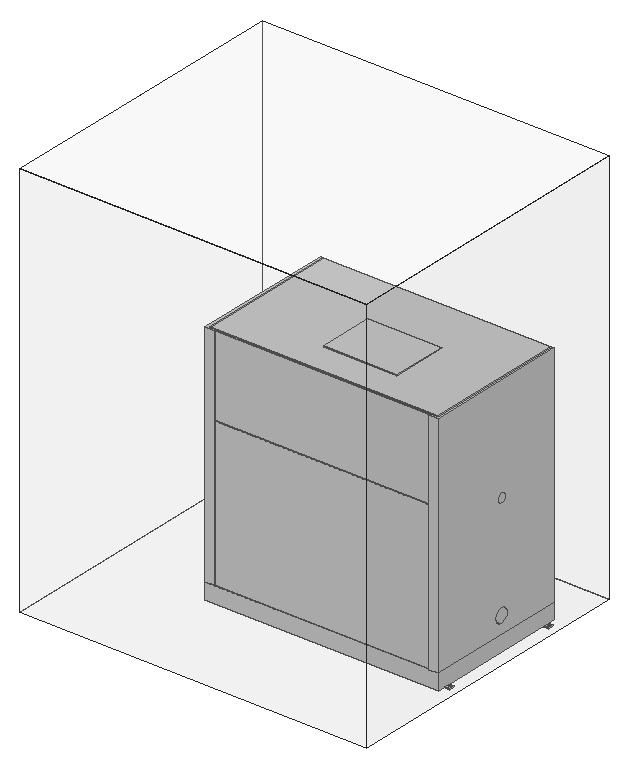
Revit family "pfav-p167_1600dmj1_3-f_60Hz", category 機械設備, Revit 2019
Family settings
  丸型コネクタ寸法 = 直径を使用
  パーツ タイプ = 標準
  OmniClass 番号 = 23.75.10.24.21.27.27
  OmniClass タイトル = Split System Air Conditioning Units
  作業面ベース = いいえ
  常に垂直 = はい
  ロード時にボイドで切り取り = いいえ
  共有 = いいえ
  部屋計算ポイント = いいえ
Parameters (values of type "PFAV-P1000DMJ3-F")
  風量（m3／min） = 120
  風量 = MAX風量  # 7200.0 m³/h
  音響パワーレベル(dB) = 72
  電源種別 = ""
  電圧_電気ヒーター = 0 V
  電圧 = 200 V
  電動機出力_送風機 = 7500 W
  電動機出力_圧縮機 = 0 W
  運転質量 = 0.00 kg
  連動 = ""
  質量 = if(製品質量 > 運転質量, 製品質量, 運転質量) * 1.2  # 516.00 kg
  負荷分類 = 3_ファン類
  説明 = "設備用パッケージエアコン 空冷床置形・冷暖兼用 ファシレアＤＤオールフレッシュシリーズ"
  設計暖房能力 [instance] = 0 kW
  設計冷房能力_顕熱 [instance] = 0 kW
  設計冷房能力 [instance] = 0 kW
  設置方法 = "床置形"
  記号 [instance] = ""
  製造元 = "三菱電機株式会社"
  製品質量 = 430.00 kg
  製品出荷対象 = "国内"
  製品リリース年月 = "2024年5月13日"
  製品グループ = ""
  系統 [instance] = ""
  符号 = "PAC-FRV(J)"
  積算_科目 = "1 空気調和設備"
  積算_拾い区分 [instance] = ""
  相_電気ヒーター = 1
  相 = 3
  盤記号 [instance] = ""
  発停方法 = ""
  特殊仕様 [instance] = ""
  火災停止 = ""
  消費電力_電気ヒーター = 0 W
  消費電力_暖房 = 1290 W
  消費電力_加湿器 = 0 W
  消費電力_冷房 = 1290 W
  消費電力 = if(消費電力_冷房 > 消費電力_暖房, 消費電力_冷房, 消費電力_暖房) + 消費電力_加湿器 + 消費電力_電気ヒーター  # 1290 W
  法定耐用年数 = "15"
  機械基礎質量 [instance] = 0.00 kg
  機械基礎_W = 0.00 mm
  機械基礎_H = 150.00 mm
  機械基礎_D = 0.00 mm
  機械基礎 [instance] = yes
  機外静圧 = 190.0 Pa
  極数 = 3
  材質 [instance] = ""
  本体マテリアル = none
  有効加湿量 = 0
  最小電線太さ_mm2 = 2
  最大電流値 = 19.3 A
  暖房能力 = 71 kW
  推奨ブレーカー容量 = 40 A
  形式_加湿器 = ""
  形式 = "床置（露出）立形"
  形名 = PFAV-P-DMJ-F : PFAV-P1000DMJ3-F
  幹線記号 [instance] = ""
  始動方式 = "直入"
  呼称 = "パッケージ形空気調和機_室内機"
  周波数 = 60 Hz
  台数_手元リモコン [instance] = ""
  台数_冷媒分岐ユニット [instance] = ""
  参照している仕様書等のバージョン = "公共建築工事標準仕様書（機械設備工事編）平成31年度版"
  加湿給水管径 = 27.00 mm
  分類コード = "50053003083040"
  分類グループ = ""
  冷房能力 = 80 kW
  冷媒高低圧ガス管径 = 0.00 mm
  冷媒管径符号 = "Ei"
  冷媒管径 = 100.00 mm
  冷媒液管径 = 19.05 mm
  冷媒ガス管径 = 31.75 mm
  価格 = 0
  企業コード = "108420"
  付属品_フィルター = ""
  付属品 [instance] = ""
  仕様書バージョン = "Version1.0"
  モデル = "PFAV-P1000DMJ3-F"
  ドレン管径 = 42.70 mm
  ダクト高_OA = 1635 mm
  ダクト高 = 416 mm
  ダクト幅_OA = 1550 mm
  ダクト幅 = 554 mm
  サービススペース = yes
  コメント [instance] = ""
  Keynote = ""
  Width = 1750.00 mm
  Version = ""
  Uniclass2015Version = "Systems v1.9"
  Uniclass2015Title = "Split coil remote air cooled condensing units"
  Uniclass2015Code = "Pr_70_65_03_84"
  URL = "https://www.mitsubishielectric.co.jp/ldg/wink/qr/002/333202/"
  S寸法 = 150.00 mm
  SpecificationReference = ""
  SpecificationDescription = ""
  Revision = ""
  ProductInformation = ""
  OmniClassCode = "23-33 17 13 11"
  OAダクト位置_縦 = 159.00 mm
  OAダクト位置_横 = 175.00 mm
  MAX風量 = 風量（m3／min） * 60.0 m³/h  # 7200.0 m³/h
  IfcTypeProduct = ""
  IfcProduct = ""
  IfcExportType = "AIRCONDITIONINGUNIT"
  IfcExportAs = "IfcUnitaryEquipmentType"
  Height = 1830.00 mm
  Depth = 1081.00 mm
  Clearance Top = 1000.00 mm
  Clearance Right = 100.00 mm
  Clearance Left = 750.00 mm
  Clearance Front = 800.00 mm
  Clearance Back = 400.00 mm
  COP = 0
  Author = "三菱電機株式会社"
  APF = 0
Types (8, lengths in mm): name | 風量（m3／min） | 風量 | 音響パワーレベル(dB) | 電動機出力_送風機 | 質量 | 製品質量 | 製品リリース年月 | 消費電力_暖房 | 消費電力_冷房 | 消費電力 | 機外静圧 | 最小電線太さ_mm2 | 最大電流値 | 暖房能力 | 推奨ブレーカー容量 | 形名 | 冷房能力 | 冷媒管径符号 | 冷媒液管径 | 冷媒ガス管径 | モデル | ドレン管径 | ダクト高_OA | ダクト高 | ダクト幅_OA | ダクト幅 | Width | URL | OAダクト位置_縦 | OAダクト位置_横 | MAX風量 | Height | Depth | Clearance Left | Clearance Front | Clearance Back | APF
  PFAV-P167DMJ1-F | 20 | 1200.0 m³/h | 61 | 1200 W | 147.60 kg | 123.00 kg | "2017年4月18日" | 80 W | 80 W | 80 W | 30.0 Pa | 1.6 | 5 A | 12.5 kW | 15 A | PFAV-P-DMJ-F : PFAV-P167DMJ1-F | 14 kW | "Bd" | 9.52 | 15.88 | "PFAV-P167DMJ1-F" | 34.00 | 406 | 294 | 668 | 343 | 760.00 | "https://www.mitsubishielectric.co.jp/ldg/wink/ssl/displayProduct.do?pid=278596" | 120.00 | 46.00 | 1200.0 m³/h | 1730.00 | 485.00 | 100.00 | 800.00 | 50.00 | 4.7
  PFAV-P265DMJ3-F | 35 | 2100.0 m³/h | 54 | 1200 W | 165.60 kg | 138.00 kg | "2024年5月13日" | 300 W | 300 W | 300 W | 50.0 Pa | 1.6 | 5.8 A | 20 kW | 15 A | PFAV-P-DMJ-F : PFAV-P265DMJ3-F | 22.4 kW | "Be" | 9.52 | 19.05 | "PFAV-P265DMJ3-F" | 34.00 | 407 | 294 | 888 | 675 | 980.00 | "https://www.mitsubishielectric.co.jp/ldg/wink/qr/002/333198/" | 120.00 | 46.00 | 2100.0 m³/h | 1730.00 | 485.00 | 100.00 | 800.00 | 50.00 | 0
  PFAV-P335DMJ3-F | 45 | 2700.0 m³/h | 62 | 1200 W | 170.40 kg | 142.00 kg | "2024年5月13日" | 390 W | 390 W | 390 W | 80.0 Pa | 1.6 | 5.8 A | 26.5 kW | 15 A | PFAV-P-DMJ-F : PFAV-P335DMJ3-F | 28 kW | "Bf" | 9.52 | 22.20 | "PFAV-P335DMJ3-F" | 34.00 | 407 | 294 | 888 | 675 | 980.00 | "https://www.mitsubishielectric.co.jp/ldg/wink/qr/002/333199/" | 120.00 | 46.00 | 2700.0 m³/h | 1730.00 | 485.00 | 100.00 | 800.00 | 50.00 | 0
  PFAV-P530DMJ3-F | 70 | 4200.0 m³/h | 67 | 3000 W | 248.40 kg | 207.00 kg | "2024年5月13日" | 680 W | 680 W | 680 W | 110.0 Pa | 1.6 | 8.8 A | 40 kW | 15 A | PFAV-P-DMJ-F : PFAV-P530DMJ3-F | 45 kW | "Ch" | 12.70 | 28.58 | "PFAV-P530DMJ3-F" | 34.00 | 605 | 444 | 1126 | 1006 | 1200.00 | "https://www.mitsubishielectric.co.jp/ldg/wink/qr/002/333200/" | 553.00 | 37.00 | 4200.0 m³/h | 1897.00 | 635.00 | 100.00 | 800.00 | 50.00 | 0
  PFAV-P670DMJ3-F | 90 | 5400.0 m³/h | 75 | 3000 W | 248.40 kg | 207.00 kg | "2024年5月13日" | 1400 W | 1400 W | 1400 W | 110.0 Pa | 1.6 | 8.8 A | 50 kW | 15 A | PFAV-P-DMJ-F : PFAV-P670DMJ3-F | 56 kW | "Dh" | 15.88 | 28.58 | "PFAV-P670DMJ3-F" | 34.00 | 605 | 444 | 1126 | 1006 | 1200.00 | "https://www.mitsubishielectric.co.jp/ldg/wink/qr/002/333201/" | 553.00 | 37.00 | 5400.0 m³/h | 1897.00 | 635.00 | 100.00 | 800.00 | 50.00 | 0
  PFAV-P1000DMJ3-F | 120 | 7200.0 m³/h | 72 | 7500 W | 516.00 kg | 430.00 kg | "2024年5月13日" | 1290 W | 1290 W | 1290 W | 190.0 Pa | 2 | 19.3 A | 71 kW | 40 A | PFAV-P-DMJ-F : PFAV-P1000DMJ3-F | 80 kW | "Ei" | 19.05 | 31.75 | "PFAV-P1000DMJ3-F" | 42.70 | 1635 | 416 | 1550 | 554 | 1750.00 | "https://www.mitsubishielectric.co.jp/ldg/wink/qr/002/333202/" | 159.00 | 175.00 | 7200.0 m³/h | 1830.00 | 1081.00 | 750.00 | 800.00 | 400.00 | 0
  PFAV-P1250DMJ3-F | 150 | 9000.0 m³/h | 73 | 7500 W | 536.40 kg | 447.00 kg | "2024年5月13日" | 1460 W | 1460 W | 1460 W | 245.0 Pa | 5.5 | 21 A | 90 kW | 40 A | PFAV-P-DMJ-F : PFAV-P1250DMJ3-F | 112 kW | "Ek" | 19.05 | 38.10 | "PFAV-P1250DMJ3-F" | 42.70 | 1635 | 416 | 1550 | 554 | 1750.00 | "https://www.mitsubishielectric.co.jp/ldg/wink/qr/002/333203/" | 159.00 | 175.00 | 9000.0 m³/h | 1830.00 | 1081.00 | 750.00 | 800.00 | 400.00 | 0
  PFAV-P1600DMJ3-F | 200 | 12000.0 m³/h | 74 | 7500 W | 604.80 kg | 504.00 kg | "2024年5月13日" | 2010 W | 2010 W | 2010 W | 235.0 Pa | 5.5 | 21 A | 112 kW | 40 A | PFAV-P-DMJ-F : PFAV-P1600DMJ3-F | 140 kW | "Ek" | 19.05 | 38.10 | "PFAV-P1600DMJ3-F" | 42.70 | 1635 | 416 | 1845 | 554 | 2045.00 | "https://www.mitsubishielectric.co.jp/ldg/wink/qr/002/333204/" | 159.00 | 175.00 | 12000.0 m³/h | 1830.00 | 1081.00 | 750.00 | 850.00 | 400.00 | 0
Reference planes
  plane 1: z = 0
  plane 2: z = 1980
  plane 3: z = 150
  plane 4: z = 2980
  plane 5 "中心(正面/背面)": y = -540.5
  plane 6 "中心(左/右)": x = 0
  plane 7 "左": x = -875
  plane 8 "右": x = 875
  plane 9 "正面": y = -1081
  plane 10 "背面": y = 0
  plane 11: y = 150
  plane 12: x = -1025
  plane 13: y = -1231
  plane 14: y = 400
  plane 15: y = -1881
  plane 16: x = -1625
  plane 17: x = 975
  plane 18: x = 1025
Dimensions and locks
  "Height": plane 2 to plane 3
  "Clearance Top": plane 4 to plane 2
  equal spacing: plane 7 "左", plane 6 "中心(左/右)", plane 8 "右"
  "Width": plane 7 "左" to plane 8 "右"
  equal spacing: plane 9 "正面", plane 5 "中心(正面/背面)", plane 10 "背面"
  "Depth": plane 9 "正面" to plane 10 "背面"
  "S寸法": plane 10 "背面" to plane 11
  "S寸法": plane 13 to plane 9 "正面"
  "S寸法": plane 12 to plane 7 "左"
  "Clearance Left": plane 16 to plane 7 "左"
  "Clearance Right": plane 8 "右" to plane 17
  "Clearance Front": plane 15 to plane 9 "正面"
  "Clearance Back": plane 10 "背面" to plane 14
  "S寸法": plane 8 "右" to plane 18
  "機械基礎_H": plane 3 to level
  aligned and locked: level to plane 1
  aligned and locked: plane 17 to nested 1
  aligned and locked: nested 1 to plane 15
  aligned and locked: nested 1 to plane 16
  aligned and locked: nested 1 to plane 14
  aligned and locked: plane 4 to nested 1
  aligned and locked: plane 1 to nested 1
  aligned and locked: nested 2 to plane 10 "背面"
Nested families
  nested 1: "サービススペース(PFAV-P-DMJ-F)" at (-325, -740.5, 1490), visible <- "サービススペース", type "サービススペース(PFAV-P-DMJ-F)"
    with Width 2600.00 mm, Height 2980.00 mm, Depth 2281.00 mm
  nested 2: "PFAV-P-DMJ-F" at (0, -540.5, 0), type <- "形名", type "PFAV-P1000DMJ3-F"
    with 表示 yes, マテリアル2 none, マテリアル1 none
Connectors
  hvac at (75, 1, 976.5), driven by "ダクト幅_OA", driven by "ダクト高_OA", driven by "機外静圧", driven by "風量"
    settings: on nested 2, index 2, duct flow 7200.0 m³/h, flow factor 0, pres drop 190.0 Pa, loss coef 0, conn angle 0.00°, conn width 1550 mm, conn height 1635 mm, conn diameter 609.6 mm, duct sys type 2, conn prof type 1, flow config 1, flow direction 1, loss method 4, conn ref index -1, conn util no, is conn primary no, conn desc ""
  piping at (1025.5, -398, 250), diameter 100, driven by "冷媒管径符号"
    settings: on nested 2, index 3, connector inside diameter 609.60 mm, connector length 0.00 mm, flow factor 0, pipe flow 0.0 L/s, pressure drop 0.0 Pa, fitting loss kfactor 0, connector angle 0.00°, fixture units 0, engagement length 0.00 mm, angle of deflection 0.00°, flow configuration 1, flow direction 1, fitting loss method 4, system type 7, joint type 0, gender type 0, connector reference index -1, connector utility 0, adjustable connector no, is connector primary yes, connector description "Ei"
  electrical at (878, -489, 1040), driven by "極数", driven by "負荷分類", driven by "電圧", driven by "消費電力"
    settings: on nested 2, index 4, voltage 200 V, apparent load 1290 VA, apparent load phase1 0 VA, apparent load phase2 0 VA, apparent load phase3 0 VA, power factor 1, load classification "3_ファン類", number of poles 3, system type 30, power factor state 1, is connector primary yes, connector utility no, sub classification motor no, connector description ""
  piping at (0, 0, 40), diameter 42.7, driven by "ドレン管径"
    settings: on nested 2, index 5, connector inside diameter 609.60 mm, connector length 0.00 mm, flow factor 0, pipe flow 0.0 L/s, pressure drop 0.0 Pa, fitting loss kfactor 0, connector angle 0.00°, fixture units 0, engagement length 0.00 mm, angle of deflection 0.00°, flow configuration 1, flow direction 2, fitting loss method 4, system type 16, joint type 0, gender type 0, connector reference index -1, connector utility 0, adjustable connector no, is connector primary no, connector description ""
  piping at (75, 1, 976.5), diameter 42.7, driven by "ドレン管径"
    settings: on nested 2, index 6, connector inside diameter 609.60 mm, connector length 0.00 mm, flow factor 0, pipe flow 0.0 L/s, pressure drop 0.0 Pa, fitting loss kfactor 0, connector angle 0.00°, fixture units 0, engagement length 0.00 mm, angle of deflection 0.00°, flow configuration 1, flow direction 2, fitting loss method 4, system type 16, joint type 0, gender type 0, connector reference index -1, connector utility 0, adjustable connector no, is connector primary no, connector description ""
  hvac at (86, -620, 1831), driven by "ダクト高", driven by "ダクト幅", driven by "機外静圧", driven by "風量"
    settings: on nested 2, index 10, duct flow 7200.0 m³/h, flow factor 0, pres drop 190.0 Pa, loss coef 0, conn angle 0.00°, conn width 554 mm, conn height 416 mm, conn diameter 609.6 mm, duct sys type 1, conn prof type 1, flow config 1, flow direction 2, loss method 4, conn ref index -1, conn util no, is conn primary yes, conn desc ""
  piping at (-878, 755.75, 2050), diameter 100, driven by "冷媒管径", driven by "冷媒管径符号"
    settings: on nested 2, index 12, connector inside diameter 609.60 mm, connector length 0.00 mm, flow factor 0, pipe flow 0.0 L/s, pressure drop 0.0 Pa, fitting loss kfactor 0, connector angle 0.00°, fixture units 0, engagement length 0.00 mm, angle of deflection 0.00°, flow configuration 1, flow direction 1, fitting loss method 4, system type 7, joint type 0, gender type 0, connector reference index -1, connector utility 0, adjustable connector no, is connector primary no, connector description "Ei"
Definition of nested family "サービススペース(PFAV-P-DMJ-F)"
  Parameters (values of type "サービススペース")
    Width [instance] = 500.00 mm
    Height [instance] = 500.00 mm
    Depth [instance] = 500.00 mm
  Reference planes
    plane 1 "中心(正面/背面)": y = 0
    plane 2: z = 0
    plane 3 "中心(左/右)": x = 0
    plane 4: y = -250
    plane 5: x = 250
    plane 6: y = 250
    plane 7: x = -250
    plane 8: z = 250
    plane 9: z = -250
  Forms (mm)
    Extrusion 1, solid
      sketch origin (-638.939, 0, 72.39) x (1, 0, 0) y (0, 1, 0)
        loop
          line (388.939, 250) -> (388.939, -250) -> (888.939, -250) -> (888.939, 250) -> (388.939, 250)
      from -322.39 to 177.61
  Lines and regions (mm)
    symbolic lines
      curve 1: line (-250, 0, 250) -> (250, 0, 250)
      curve 2: line (-250, 0, -250) -> (-250, 0, 250)
      curve 3: line (250, 0, -250) -> (-250, 0, -250)
      curve 4: line (250, 0, 250) -> (250, 0, -250)
      curve 5: line (0, -250, 250) -> (0, 250, 250)
      curve 6: line (0, -250, -250) -> (0, -250, 250)
      curve 7: line (0, 250, -250) -> (0, -250, -250)
      curve 8: line (0, 250, 250) -> (0, 250, -250)
      curve 9: line (-250, 250, 0) -> (250, 250, 0)
      curve 10: line (-250, -250, 0) -> (-250, 250, 0)
      curve 11: line (250, -250, 0) -> (-250, -250, 0)
      curve 12: line (250, 250, 0) -> (250, -250, 0)
  Dimensions and locks
    equal spacing: plane 7, plane 3 "中心(左/右)", plane 5
    equal spacing: plane 4, plane 1 "中心(正面/背面)", plane 6
    "Depth": plane 4 to plane 6
    "Width": plane 7 to plane 5
    equal spacing: plane 8, plane 2, plane 9
    "Height": plane 8 to plane 9
    aligned and locked: plane 9 to curve 3
    aligned and locked: plane 7 to curve 2
    aligned and locked: curve 4 to plane 5
    aligned and locked: plane 5 to Extrusion 1
    aligned and locked: Extrusion 1 to plane 7
    aligned and locked: Extrusion 1 to plane 9
    aligned and locked: plane 8 to Extrusion 1
    aligned and locked: plane 9 to curve 7
  Automatic sketch dimensions
    plane 4 to Extrusion 1 sketch curve = 0.00 mm
    Extrusion 1 sketch curve to plane 7 = 0.00 mm
    Extrusion 1 sketch curve to plane 5 = 0.00 mm
    plane 6 to Extrusion 1 sketch curve = 0.00 mm
    curve 2 to plane 8 = 0.00 mm
    plane 4 to curve 11 = 0.00 mm
    curve 11 to plane 7 = 0.00 mm
    curve 11 to plane 5 = 0.00 mm
    plane 6 to curve 10 = 0.00 mm
    curve 7 to plane 4 = 0.00 mm
    curve 7 to plane 6 = 0.00 mm
    curve 6 to plane 8 = 0.00 mm
Definition of nested family "PFAV-P-DMJ-F"
  Parameters (values of type "PFAV-P1600DMJ3-F")
    液径 = 19.05 mm
    液-W = 0.00 mm
    液-H = 255.00 mm
    液-D = 673.00 mm
    吸込ダクト_P530_670 = no
    吸込ダクト_P265_335 = no
    吸込ダクト_P167 = no
    吸込ダクト_P1600 = no
    吸込ダクト_P1000_1250 = no
    ドレン② = yes
    ドレン① = no
    ①高 = 1830.00 mm
    電源径 = 62.00 mm
    電源-W = 0.00 mm
    電源-H = 1040.00 mm
    電源-D = 489.00 mm
    表示 [instance] = yes
    ①幅 = 2045.00 mm
    ①奥行 = 1081.00 mm
    吊りボルト径 = 20.00 mm
    吊りボルト-W = 2101.00 mm
    吊りボルト-D = 931.00 mm
    吊りボルト-H = 0.00 mm
    加湿給水管径 = 43.00 mm
    加湿給水-W = 0.00 mm
    加湿給水-H = 260.00 mm
    加湿給水-D = 649.00 mm
    冷媒径 = 100.00 mm
    ガス径 = 38.10 mm
    ガス-W = 0.00 mm
    ガス-H = 245.00 mm
    ガス-D = 123.00 mm
    マテリアル2 [instance] = none
    マテリアル1 [instance] = none
    ドレン径 = 42.70 mm
    ドレン-W = 1023.00 mm
    ドレン-H = 40.00 mm
    ドレン-D = 314.00 mm
    w = 554.00 mm
    h = 1.00 mm
    f = 0.00 mm
    e = 600.00 mm
    c = 3.00 mm
    d = 416.00 mm
    b = 659.00 mm
    a = 412.00 mm
    OAダクト高さ = 1635.00 mm
    OAダクト幅 = 1845.00 mm
    OAダクト奥行 = -1.00 mm
    OAダクト位置_縦 = 159.00 mm
    OAダクト位置_横 = 175.00 mm
  Types (8, lengths in mm): name | 液径 | 液-H | 液-D | ドレン② | ドレン① | ①高 | 電源径 | 電源-H | 電源-D | ①幅 | ①奥行 | 吊りボルト径 | 吊りボルト-W | 吊りボルト-D | ガス径 | ガス-H | ガス-D | ドレン径 | ドレン-W | ドレン-H | ドレン-D | w | h | c | d | b | a | OAダクト高さ | OAダクト幅 | OAダクト奥行 | OAダクト位置_縦 | OAダクト位置_横
    PFAV-P167DMJ1-F | 9.52 | 172.00 | 249.00 | no | yes | 1730.00 | 27.00 | 262.00 | 326.00 | 760.00 | 485.00 | 12.00 | 806.00 | 300.00 | 15.88 | 262.00 | 249.00 | 34.00 | 200.00 | 54.00 | 240.00 | 343.00 | 20.00 | 10.00 | 294.00 | 236.00 | 42.00 | 406.00 | 668.00 | -41.00 | 120.00 | 46.00
    PFAV-P265DMJ3-F | 9.52 | 172.00 | 251.00 | no | yes | 1730.00 | 27.00 | 262.00 | 328.00 | 980.00 | 485.00 | 12.00 | 1026.00 | 300.00 | 19.05 | 262.00 | 251.00 | 34.00 | 200.00 | 54.00 | 240.00 | 675.00 | 20.00 | 10.00 | 294.00 | 191.00 | 41.00 | 407.00 | 888.00 | -41.00 | 120.00 | 46.00
    PFAV-P335DMJ3-F | 9.52 | 172.00 | 251.00 | no | yes | 1730.00 | 27.00 | 262.00 | 328.00 | 980.00 | 485.00 | 12.00 | 1026.00 | 300.00 | 19.05 | 262.00 | 251.00 | 34.00 | 200.00 | 54.00 | 240.00 | 675.00 | 20.00 | 10.00 | 294.00 | 191.00 | 41.00 | 407.00 | 888.00 | -41.00 | 120.00 | 46.00
    PFAV-P530DMJ3-F | 12.70 | 203.00 | 244.00 | no | yes | 1897.00 | 37.00 | 249.00 | 475.00 | 1200.00 | 635.00 | 12.00 | 1246.00 | 440.00 | 28.58 | 209.00 | 128.00 | 34.00 | 200.00 | 54.00 | 314.00 | 1006.00 | 3.00 | 10.00 | 444.00 | 97.00 | 44.00 | 605.00 | 1126.00 | -39.00 | 553.00 | 37.00
    PFAV-P670DMJ3-F | 15.88 | 203.00 | 244.00 | no | yes | 1897.00 | 37.00 | 249.00 | 475.00 | 1200.00 | 635.00 | 12.00 | 1246.00 | 440.00 | 28.58 | 209.00 | 128.00 | 34.00 | 200.00 | 54.00 | 314.00 | 1006.00 | 3.00 | 10.00 | 444.00 | 97.00 | 44.00 | 605.00 | 1126.00 | -39.00 | 553.00 | 37.00
    PFAV-P1000DMJ3-F | 19.05 | 255.00 | 673.00 | yes | no | 1830.00 | 62.00 | 1040.00 | 489.00 | 1750.00 | 1081.00 | 15.00 | 1806.00 | 931.00 | 31.75 | 245.00 | 313.00 | 42.70 | 875.00 | 40.00 | 314.00 | 554.00 | 1.00 | 3.00 | 416.00 | 512.00 | 412.00 | 1635.00 | 1550.00 | -1.00 | 159.00 | 175.00
    PFAV-P1250DMJ3-F | 19.05 | 255.00 | 673.00 | yes | no | 1830.00 | 62.00 | 1040.00 | 489.00 | 1750.00 | 1081.00 | 15.00 | 1806.00 | 931.00 | 38.10 | 245.00 | 313.00 | 42.70 | 875.00 | 40.00 | 314.00 | 554.00 | 1.00 | 3.00 | 416.00 | 512.00 | 412.00 | 1635.00 | 1550.00 | -1.00 | 159.00 | 175.00
    PFAV-P1600DMJ3-F | 19.05 | 255.00 | 673.00 | yes | no | 1830.00 | 62.00 | 1040.00 | 489.00 | 2045.00 | 1081.00 | 20.00 | 2101.00 | 931.00 | 38.10 | 245.00 | 123.00 | 42.70 | 1023.00 | 40.00 | 314.00 | 554.00 | 1.00 | 3.00 | 416.00 | 659.00 | 412.00 | 1635.00 | 1845.00 | -1.00 | 159.00 | 175.00
  Reference planes
    plane 1 "中心(正面/背面)": y = 0
    plane 2: z = 0
    plane 3 "中心(左/右)": x = 0
    plane 4: x = 1022.5
    plane 5: x = -1022.5
    plane 6 "5-20_back": y = 540.5
    plane 7: y = -540.5
    plane 8: z = 1831
    plane 9: z = 1230
    plane 10: z = 1830
    plane 11: z = 120
    plane 12: y = 465.5
    plane 13: y = -465.5
    plane 14: x = 1050.5
    plane 15: x = -1050.5
    plane 16: y = 128.5
    plane 17: y = -460.5
    plane 18: z = 40
    plane 19: z = 1040
    plane 20: y = -132.5
    plane 21: z = 255
    plane 22: z = 245
    plane 23: z = 1829
    plane 24: y = 417.5
    plane 25: x = 1002.5
    plane 26: x = -1002.5
    plane 27: z = 1227
    plane 28: y = -520.5
    plane 29: x = -952.5
    plane 30: x = 952.5
    plane 31: y = -537.5
    plane 32: x = 1062.5
    plane 33: x = -1062.5
    plane 34: y = 485.5
    plane 35: y = 445.5
    plane 36: y = -445.5
    plane 37: y = -485.5
    plane 38: y = 128.5
    plane 39: z = 5
    plane 40: x = 363.5
    plane 41: x = 363.5
    plane 42: x = -190.5
    plane 43: x = -190.5
    plane 44: y = -287.5
    plane 45: y = -287.5
    plane 46: y = 226.5
    plane 47: y = 51.5
    plane 48: x = 1025.5
    plane 49: y = 142.5
    plane 50: z = 250
    plane 51: y = -108.5
    plane 52: z = 260
    plane 53: x = -1023.5
    plane 54: y = 541.5
    plane 55: x = -0.5
    plane 56: x = -847.5
    plane 57: x = 997.5
    plane 58: z = 159
    plane 59: z = 1794
    plane 60: x = -1025.5
  Forms (mm)
    Extrusion 1, solid, material <- "マテリアル1", visible <- "表示", detail levels fine
      sketch origin (0, 0, -400) x (1, 0, 0) y (0, 1, 0)
        loop
          line (952.5, -520.5) -> (-952.5, -520.5) -> (-952.5, -537.5) -> (952.5, -537.5) -> (952.5, -520.5)
      from 1630 to 2230
    Extrusion 2, solid, material <- "マテリアル1", visible <- "表示", detail levels fine
      sketch origin (0, 0, -800) x (1, 0, 0) y (0, 1, 0)
        loop
          line (-952.5, -537.5) -> (952.5, -537.5) -> (952.5, -520.5) -> (-952.5, -520.5) -> (-952.5, -537.5)
      from 920 to 2027
    Extrusion 3, solid, material <- "マテリアル2", visible <- "表示", detail levels fine
      sketch origin (0, 0, 0) x (1, 0, 0) y (0, 1, 0)
        loop
          line (1022.5, 485.5) -> (1022.5, 445.5) -> (1062.5, 445.5) -> (1062.5, 485.5) -> (1022.5, 485.5)
        loop
          line (1022.5, -445.5) -> (1022.5, -485.5) -> (1062.5, -485.5) -> (1062.5, -445.5) -> (1022.5, -445.5)
        loop
          line (-1062.5, 485.5) -> (-1062.5, 445.5) -> (-1022.5, 445.5) -> (-1022.5, 485.5) -> (-1062.5, 485.5)
        loop
          line (-1062.5, -445.5) -> (-1062.5, -485.5) -> (-1022.5, -485.5) -> (-1022.5, -445.5) -> (-1062.5, -445.5)
        loop
          circle (-1050.5, 465.5) r 10
        loop
          circle (1050.5, 465.5) r 10
        loop
          circle (1050.5, -465.5) r 10
        loop
          circle (-1050.5, -465.5) r 10
      from 0 to 5
    Extrusion 4, solid, material <- "マテリアル2", visible <- "表示", detail levels fine
      sketch origin (0, -1140, 0) x (0, -1, 0) y (1, 0, 0)
        loop
          line (-1268.5, 363.5) -> (-1268.5, -190.5) -> (-852.5, -190.5) -> (-852.5, 363.5) -> (-1268.5, 363.5)
      from 1830 to 1831
    Extrusion 5, solid, material <- "マテリアル1", visible <- "表示", detail levels fine
      sketch origin (-1437.329, -1524, 1831) x (-1, 0, 0) y (0, -1, 0)
        loop
          line (-414.829, -2064.5) -> (-414.829, -983.5) -> (-484.829, -983.5) -> (-484.829, -1003.5) -> (-434.829, -1003.5) -> (-434.829, -2064.5) -> (-414.829, -2064.5)
        loop
          line (-2439.829, -2064.5) -> (-2439.829, -1003.5) -> (-2389.829, -1003.5) -> (-2389.829, -983.5) -> (-2459.829, -983.5) -> (-2459.829, -2064.5) -> (-2439.829, -2064.5)
      from -1711 to -1
    Extrusion 6, solid, material <- "マテリアル1", visible <- "表示", detail levels fine
      sketch origin (-1437.329, -1524, 1831) x (-1, 0, 0) y (0, -1, 0)
        loop
          line (-2439.829, -2064.5) -> (-434.829, -2064.5) -> (-434.829, -1003.5) -> (-2439.829, -1003.5) -> (-2439.829, -2064.5)
      from -1711 to -1
    Extrusion 7, solid, material <- "マテリアル2", visible <- "表示", detail levels fine
      sketch origin (-1437.329, -1524, 1831) x (-1, 0, 0) y (0, -1, 0)
        loop
          line (-414.829, -2064.5) -> (-414.829, -983.5) -> (-2459.829, -983.5) -> (-2459.829, -2064.5) -> (-414.829, -2064.5)
      from -1831 to -1711
    Extrusion 8, solid, material <- "マテリアル2", visible <- "表示", detail levels fine
      sketch origin (1022.5, 1296.25, 1200) x (0, 1, 0) y (0, 0, 1)
        loop
          circle (-1244.75, -160) r 31
      from 0 to 3
    Extrusion 9, solid, material <- "マテリアル1", visible <- "表示", detail levels fine
      sketch origin (1022.5, 1296.25, 1200) x (0, 1, 0) y (0, 0, 1)
        loop
          circle (-1153.75, -950) r 50
      from 0 to 3
    Extrusion 10, solid, material <- "マテリアル1", visible <- "ドレン①", detail levels fine
      sketch origin (-1022.5, 1296.25, 1200) x (0, 1, 0) y (0, 0, 1)
        loop
          circle (-1069.75, -1160) r 21.35
      from -1 to 0
    Extrusion 11, solid, material <- "マテリアル1", visible <- "ドレン②", detail levels fine
      sketch origin (1480.036, -537.5, 2000) x (1, 0, 0) y (0, 0, 1)
        loop
          circle (-1480.536, -1960) r 21.35
      from -1079 to -1078
    Extrusion 12, solid, detail levels fine
      sketch origin (0, 540.5, 0) x (1, 0, 0) y (0, 0, 1)
        loop
          line (997.5, 1794) -> (-847.5, 1794) -> (-847.5, 159) -> (997.5, 159) -> (997.5, 1794)
      from 0 to -1 <- "OAダクト奥行"
    Extrusion 13, solid, detail levels fine
      sketch origin (-1022.5, 1296.25, 1200) x (0, 1, 0) y (0, 0, 1)
        loop
          circle (-1244.75, -160) r 31
      from -3 to 0
    Extrusion 14, solid, detail levels fine
      sketch origin (-1022.5, 1296.25, 1200) x (0, 1, 0) y (0, 0, 1)
        loop
          circle (-1153.75, -950) r 50
      from -3 to 0
  Lines and regions (mm)
    Masking region 1, visible <- "表示", detail levels coarse+medium
      outline origin (0, 0, 0) x (1, 0, 0) y (0, 1, 0)
        loop
          line (-1022.5, 540.5) -> (-1022.5, -540.5) -> (1022.5, -540.5) -> (1022.5, 540.5) -> (-1022.5, 540.5)
    symbolic lines, visible <- "表示"
      curve 1: line (-1022.5, 540.5, 1831) -> (-1022.5, -540.5, 1831)
      curve 2: line (-1022.5, -540.5, 1831) -> (1022.5, -540.5, 1831)
      curve 3: line (1022.5, -540.5, 1831) -> (1022.5, 540.5, 1831)
      curve 4: line (1022.5, 540.5, 1831) -> (-1022.5, 540.5, 1831)
      curve 5: line (-190.5, 128.5, 1831) -> (-190.5, -287.5, 1831)
      curve 6: line (-190.5, -287.5, 1831) -> (363.5, -287.5, 1831)
      curve 7: line (363.5, -287.5, 1831) -> (363.5, 128.5, 1831)
      curve 8: line (363.5, 128.5, 1831) -> (-190.5, 128.5, 1831)
  Dimensions and locks
    equal spacing: plane 7, plane 1 "中心(正面/背面)", plane 6 "5-20_back"
    "①奥行": plane 7 to plane 6 "5-20_back"
    equal spacing: plane 5, plane 3 "中心(左/右)", plane 4
    "①幅": plane 5 to plane 4
    locked: plane 11 to level at 120
    equal spacing: plane 13, plane 1 "中心(正面/背面)", plane 12
    "吊りボルト-D": plane 13 to plane 12
    equal spacing: plane 15, plane 3 "中心(左/右)", plane 14
    "吊りボルト-W": plane 15 to plane 14
    "a": plane 16 to plane 6 "5-20_back"
    locked: plane 7 to plane 17 at 80
    "ドレン-H": plane 18 to level
    "電源-H": plane 19 to level
    "液-H": plane 21 to level
    "e": plane 10 to plane 9
    "ガス-H": plane 22 to level
    "h": plane 8 to plane 10
    locked: plane 8 to plane 23 at 2
    locked: plane 5 to plane 26 at 20
    locked: plane 25 to plane 4 at 20
    "c": plane 9 to plane 27
    locked: plane 7 to plane 28 at 20
    locked: plane 26 to plane 29 at 50
    locked: plane 30 to plane 25 at 50
    locked: plane 7 to plane 31 at 3
    locked: plane 33 to plane 5 at 40
    locked: plane 4 to plane 32 at 40
    plane 37 to plane 13 to plane 36 = 20.00 mm locked, 20.00 mm locked
    plane 35 to plane 12 to plane 34 = 20.00 mm locked, 20.00 mm locked
    "f": plane 38 to plane 16
    locked: plane 39 to level at 5
    "b": plane 40 to plane 4
    "f": plane 43 to plane 42
    "f": plane 41 to plane 40
    "w": plane 42 to plane 41
    "f": plane 44 to plane 45
    "d": plane 45 to plane 38
    "①高": plane 10 to level
    "液-D": plane 20 to plane 6 "5-20_back"
    "ガス-D": plane 24 to plane 6 "5-20_back"
    "ドレン-D": plane 46 to plane 6 "5-20_back"
    "電源-D": plane 47 to plane 6 "5-20_back"
    locked: plane 4 to plane 48 at 3
    equal spacing: plane 20, plane 49, plane 24
    equal spacing: plane 21, plane 50, plane 22
    "加湿給水-D": plane 51 to plane 6 "5-20_back"
    "加湿給水-H": plane 52 to level
    locked: plane 53 to plane 5 at 1
    locked: plane 6 "5-20_back" to plane 54 at 1
    "ドレン-W": plane 55 to plane 4
    "OAダクト幅": plane 57 to plane 56
    "OAダクト位置_縦": level to plane 58
    "OAダクト高さ": plane 58 to plane 59
    "OAダクト位置_横": plane 56 to plane 5
    plane 60 to plane 5 = 3.00 mm
    "吊りボルト径": diameter of Extrusion 3 sketch curve  (x4)
    "電源径": diameter of Extrusion 8 sketch curve
    "冷媒径": diameter of Extrusion 9 sketch curve
    "ドレン径": diameter of Extrusion 10 sketch curve
    "ドレン径": diameter of Extrusion 11 sketch curve
    "電源径": diameter of Extrusion 13 sketch curve
    "冷媒径": diameter of Extrusion 14 sketch curve
    aligned and locked: level to plane 2
    aligned and locked: plane 13 to nested 1
    aligned and locked: plane 14 to nested 1
    aligned and locked: plane 15 to nested 1
    aligned and locked: nested 1 to plane 12
    aligned and locked: Extrusion 2 to plane 11
    aligned and locked: Extrusion 1 to plane 9
    aligned and locked: Extrusion 5 to plane 11
    aligned and locked: Extrusion 4 to plane 10
    aligned and locked: plane 10 to Extrusion 5
    aligned and locked: plane 10 to Extrusion 1
    aligned and locked: plane 27 to Extrusion 2
    aligned and locked: Extrusion 2 sketch curve to plane 28
    aligned and locked: Extrusion 5 sketch curve to plane 7  (x2)
    aligned and locked: Extrusion 5 sketch curve to plane 29
    aligned and locked: Extrusion 5 sketch curve to plane 30
    aligned and locked: Extrusion 5 sketch curve to plane 25
    aligned and locked: plane 28 to Extrusion 5 sketch curve  (x2)
    aligned and locked: Extrusion 2 sketch curve to plane 29
    aligned and locked: Extrusion 2 sketch curve to plane 30
    aligned and locked: plane 31 to Extrusion 2 sketch curve
    aligned and locked: Extrusion 1 sketch curve to plane 30
    aligned and locked: Extrusion 1 sketch curve to plane 29
    aligned and locked: Extrusion 1 sketch curve to plane 28
    aligned and locked: Extrusion 1 sketch curve to plane 31
    aligned and locked: Extrusion 6 sketch curve to plane 6 "5-20_back"
    aligned and locked: Extrusion 6 sketch curve to plane 26
    aligned and locked: Extrusion 6 sketch curve to plane 28
    aligned and locked: Extrusion 6 sketch curve to plane 25
    aligned and locked: plane 10 to Extrusion 6
    aligned and locked: Extrusion 6 to plane 11
    aligned and locked: plane 34 to Extrusion 3 sketch curve  (x2)
    aligned and locked: plane 4 to Extrusion 3 sketch curve  (x2)
    aligned and locked: Extrusion 3 sketch curve to plane 35  (x2)
    aligned and locked: Extrusion 3 sketch curve to plane 32  (x2)
    aligned and locked: plane 36 to Extrusion 3 sketch curve  (x2)
    aligned and locked: Extrusion 3 sketch curve to plane 37  (x2)
    aligned and locked: plane 33 to Extrusion 3 sketch curve  (x2)
    aligned and locked: Extrusion 3 sketch curve to plane 5  (x2)
    aligned and locked: plane 12 to Extrusion 3 sketch curve  (x2)
    aligned and locked: plane 15 to Extrusion 3 sketch curve  (x2)
    aligned and locked: plane 13 to Extrusion 3 sketch curve  (x2)
    aligned and locked: plane 14 to Extrusion 3 sketch curve  (x2)
    aligned and locked: Extrusion 3 to level
    aligned and locked: plane 39 to Extrusion 3
    aligned and locked: Extrusion 7 sketch curve to Extrusion 5
    aligned and locked: Extrusion 7 sketch curve to Extrusion 6
    aligned and locked: Extrusion 7 to level
    aligned and locked: plane 11 to Extrusion 7
    aligned and locked: Extrusion 4 sketch curve to plane 38
    aligned and locked: Extrusion 4 sketch curve to plane 45
    aligned and locked: Extrusion 4 sketch curve to plane 41
    aligned and locked: Extrusion 4 sketch curve to plane 42
    aligned and locked: Masking region 1 sketch curve to Extrusion 7
    aligned and locked: Masking region 1 sketch curve to Extrusion 5
    aligned and locked: Masking region 1 sketch curve to plane 7
    aligned and locked: Masking region 1 sketch curve to plane 4
    aligned and locked: curve 1 to Masking region 1
    aligned and locked: curve 3 to Masking region 1
    aligned and locked: curve 4 to Masking region 1
    aligned and locked: plane 47 to Extrusion 8 sketch curve
    aligned and locked: plane 19 to Extrusion 8 sketch curve
    aligned and locked: Extrusion 8 to plane 4
    aligned and locked: plane 48 to Extrusion 8
    aligned and locked: plane 49 to Extrusion 9 sketch curve
    aligned and locked: plane 50 to Extrusion 9 sketch curve
    aligned and locked: Extrusion 9 to plane 4
    aligned and locked: plane 48 to Extrusion 9
    aligned and locked: plane 5 to Extrusion 5 sketch curve
    aligned and locked: plane 4 to Extrusion 5 sketch curve
    aligned and locked: Extrusion 7 sketch curve to plane 7
    aligned and locked: plane 4 to Extrusion 7 sketch curve
    aligned and locked: plane 46 to Extrusion 10 sketch curve
    aligned and locked: plane 18 to Extrusion 10 sketch curve
    aligned and locked: Extrusion 10 to plane 53
    aligned and locked: plane 5 to Extrusion 10
    aligned and locked: plane 18 to Extrusion 11 sketch curve
    aligned and locked: plane 55 to Extrusion 11 sketch curve
    aligned and locked: Extrusion 11 to plane 54
    aligned and locked: plane 6 "5-20_back" to Extrusion 11
    aligned and locked: plane 59 to Extrusion 12
    aligned and locked: Extrusion 12 to plane 58
    aligned and locked: Extrusion 12 to plane 56
    aligned and locked: plane 57 to Extrusion 12
    aligned and locked: plane 19 to Extrusion 13 sketch curve
    aligned and locked: plane 47 to Extrusion 13 sketch curve
    aligned and locked: plane 49 to Extrusion 14 sketch curve
    aligned and locked: plane 50 to Extrusion 14 sketch curve
    aligned and locked: plane 5 to Extrusion 14
    aligned and locked: Extrusion 14 to plane 60
    aligned and locked: Extrusion 13 to plane 60
    aligned and locked: plane 5 to Extrusion 13
    aligned and locked: plane 8 to Extrusion 4
  Automatic sketch dimensions
    Extrusion 5 sketch curve to plane 26 = 0.00 mm
    plane 6 "5-20_back" to Extrusion 5 sketch curve = 0.00 mm  (x2)
    plane 28 to Extrusion 2 sketch curve = 0.00 mm
    plane 7 to curve 2 = 0.00 mm
    Extrusion 12 sketch curve to plane 42 = 657.00 mm
    plane 40 to Extrusion 12 sketch curve = 634.00 mm
    level to Extrusion 12 sketch curve = 159.00 mm
    Extrusion 12 sketch curve to Extrusion 12 sketch curve = 1635.00 mm
    plane 16 to curve 7 = 0.00 mm
    curve 7 to plane 40 = 0.00 mm
    curve 5 to plane 43 = 0.00 mm
    plane 44 to curve 7 = 0.00 mm
  Nested families
    nested 1: "固定点" at (-1050.5, -465.5, 0), visible <- "表示", type "固定点", detail levels fine
      with W 2101.00 mm, D 931.00 mm
  Definition of nested family "固定点"
    Parameters (values of type "固定点")
      中心円 = 20.00 mm
      W [instance] = 1000.00 mm
      D [instance] = 1000.00 mm
    Reference planes
      plane 1 "中心(正面/背面)": y = 0
      plane 2: z = 0
      plane 3 "中心(左/右)": x = 0
      plane 4: x = 1000
      plane 5: y = 1000
    Lines and regions (mm)
      symbolic lines, detail levels fine
        curve 1: circle (0, 1000, 0) r 10 normal (0, 0, 1)
        curve 2: circle (0, 0, 0) r 10 normal (0, 0, 1)
        curve 3: circle (1000, 1000, 0) r 10 normal (0, 0, 1)
        curve 4: circle (1000, 0, 0) r 10 normal (0, 0, 1)
        curve 5: line (-200, 1000, 0) -> (1200, 1000, 0)
        curve 6: line (-200, 0, 0) -> (1200, 0, 0)
        curve 7: line (0, 1200, 0) -> (0, -200, 0)
        curve 8: line (1000, 1200, 0) -> (1000, -200, 0)
    Dimensions and locks
      "W": plane 3 "中心(左/右)" to plane 4
      "D": plane 1 "中心(正面/背面)" to plane 5
      "中心円": diameter of curve 1
      "中心円": diameter of curve 2
      "中心円": diameter of curve 3
      "中心円": diameter of curve 4
      aligned and locked: level to plane 2
      aligned and locked: plane 5 to curve 1
      aligned and locked: plane 3 "中心(左/右)" to curve 1
      aligned and locked: plane 3 "中心(左/右)" to curve 2
      aligned and locked: plane 1 "中心(正面/背面)" to curve 2
      aligned and locked: plane 4 to curve 3
      aligned and locked: plane 5 to curve 3
      aligned and locked: plane 1 "中心(正面/背面)" to curve 4
      aligned and locked: plane 4 to curve 4
      aligned and locked: plane 1 "中心(正面/背面)" to curve 6
      aligned and locked: curve 7 to plane 3 "中心(左/右)"
      aligned and locked: curve 8 to plane 4
    Automatic sketch dimensions
      curve 5 to plane 5 = 0.00 mm
      curve 6 to plane 3 "中心(左/右)" = 200.00 mm
      curve 5 to plane 3 "中心(左/右)" = 200.00 mm
      curve 4 to curve 6 = 200.00 mm
      curve 3 to curve 5 = 200.00 mm
      plane 1 "中心(正面/背面)" to curve 8 = 200.00 mm
      plane 1 "中心(正面/背面)" to curve 7 = 200.00 mm
      curve 3 to curve 8 = 200.00 mm
      curve 1 to curve 7 = 200.00 mm
